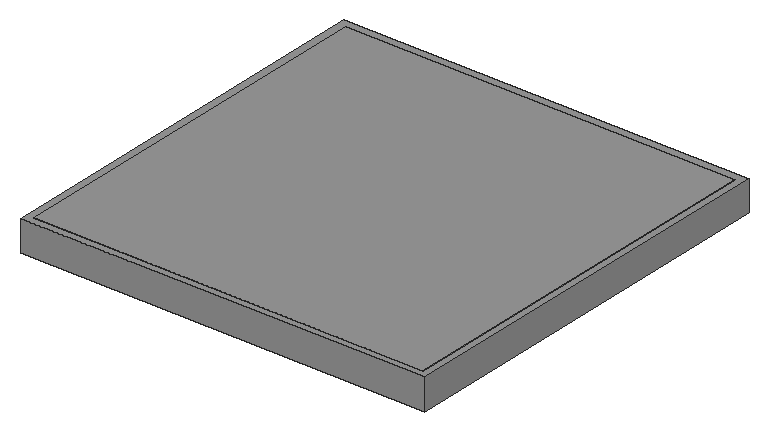
Revit family "ДВО-09 30 Вт Грильято DALI", category Осветительные приборы, Revit 2019 (continued)
Parameters (values of type "ДВО-09-О-30-3К-IP40-Грильято-DALI")
     1117.8 1108.6 1098.9 1089.1 1078.7 1068.2 1057.1 1045.8 1033.8 1021.8 1009.1 996.3 982.8 969.3 955.2 941.2 926.8 912.4 897.5 882.7 867.5 852.4 836.8 821.0 804.7 788.4 771.2 754.2 736.6 719.0 700.8 683.0 664.4 646.1 627.2 608.8 589.7 570.8 551.3 532.1 512.2 492.1 472.3 451.8 431.6 410.6 390.1 369.2 348.6 327.7 307.3 286.6 266.5 246.0 226.4 206.4 187.1 167.9 149.3 130.8 113.3 96.2 80.2 65.4 51.9 39.8 29.9 21.7 15.6 11.2 8.5 7.0 6.5 6.4 6.4 6.5 6.6 6.4 6.6 6.7 6.7 0.0 0.0 0.0 0.0 0.0 0.0 0.0 0.0 0.0 0.0 0.0 0.0 0.0 0.0 0.0 0.0 0.0 0.0 0.0 0.0 0.0 0.0 0.0 0.0 0.0 0.0 0.0 0.0 0.0 0.0 0.0 0.0 0.0 0.0 0.0 0.0 0.0 0.0 0.0 0.0 0.0 0.0 0.0 0.0 0.0 0.0 0.0 0.0 0.0 0.0 0.0 0.0 0.0 0.0 0.0 0.0 0.0 0.0 0.0 0.0 0.0\r\n1213.1 1212.5 1211.3 1209.5 1207.5 1205.0 1202.2 1198.8 1194.8 1190.7 1186.0 1181.0 1175.4 1169.1 1162.5 1155.4 1147.9 1140.1 1131.6 1123.0 1114.0 1104.9 1095.6 1085.8 1075.4 1064.4 1053.3 1041.6 1029.7 1017.2 1004.6 991.4 978.3 964.7 951.1 937.4 923.4 908.9 894.5 879.4 864.4 848.5 832.5 815.9 799.4 782.4 765.5 748.1 730.8 713.1 695.7 677.3 659.3 640.5 621.9 602.4 583.3 563.7 544.6 524.8 505.4 485.4 465.4 444.8 424.7 403.8 382.9 362.4 341.4 320.7 299.8 279.3 258.6 238.4 217.9 198.2 178.3 159.2 140.1 121.9 104.0 87.4 71.6 57.5 44.5 33.3 24.2 17.3 12.3 9.1 7.2 6.3 6.1 6.1 6.1 6.2 6.1 6.2 6.3 6.2 0.0 0.0 0.0 0.0 0.0 0.0 0.0 0.0 0.0 0.0 0.0 0.0 0.0 0.0 0.0 0.0 0.0 0.0 0.0 0.0 0.0 0.0 0.0 0.0 0.0 0.0 0.0 0.0 0.0 0.0 0.0 0.0 0.0 0.0 0.0 0.0 0.0 0.0 0.0 0.0 0.0 0.0 0.0 0.0 0.0 0.0 0.0 0.0 0.0 0.0 0.0 0.0 0.0 0.0 0.0 0.0 0.0 0.0 0.0 0.0 0.0\r\n1213.1 1212.5 1211.4 1209.7 1207.7 1205.2 1202.4 1199.0 1195.1 1191.1 1186.4 1181.3 1175.8 1169.6 1163.1 1156.1 1148.7 1141.0 1132.7 1124.2 1115.2 1105.9 1096.5 1086.6 1076.2 1065.2 1054.2 1042.6 1030.9 1018.7 1006.2 993.3 980.2 966.5 952.8 939.0 924.7 910.3 895.5 880.5 865.0 849.3 833.2 816.8 800.2 783.4 766.4 749.3 732.0 714.6 697.1 679.1 660.9 642.4 623.7 604.6 585.4 566.0 546.5 526.9 507.2 487.3 467.1 446.8 426.5 405.8 385.0 364.5 343.5 322.9 301.9 281.4 260.6 240.4 219.8 200.1 180.2 161.0 141.9 123.4 105.7 88.9 73.1 58.6 45.7 34.3 25.1 18.0 12.9 9.6 7.6 6.6 6.2 6.1 6.2 6.2 6.2 6.2 6.3 6.3 0.0 0.0 0.0 0.0 0.0 0.0 0.0 0.0 0.0 0.0 0.0 0.0 0.0 0.0 0.0 0.0 0.0 0.0 0.0 0.0 0.0 0.0 0.0 0.0 0.0 0.0 0.0 0.0 0.0 0.0 0.0 0.0 0.0 0.0 0.0 0.0 0.0 0.0 0.0 0.0 0.0 0.0 0.0 0.0 0.0 0.0 0.0 0.0 0.0 0.0 0.0 0.0 0.0 0.0 0.0 0.0 0.0 0.0 0.0 0.0 0.0\r\n1213.1 1212.4 1211.4 1209.9 1207.9 1205.4 1202.5 1199.2 1195.4 1191.4 1186.7 1181.5 1176.1 1170.0 1163.6 1156.8 1149.5 1141.8 1133.8 1125.3 1116.3 1106.9 1097.4 1087.3 1076.9 1066.0 1055.1 1043.6 1032.1 1020.1 1007.7 995.1 982.0 968.3 954.5 940.5 926.0 911.6 896.4 881.5 865.6 850.1 833.9 817.7 801.0 784.3 767.3 750.5 733.2 716.1 698.4 680.8 662.5 644.3 625.5 606.7 587.4 568.2 548.4 528.9 509.0 489.1 468.8 448.8 428.2 407.8 387.1 366.6 345.6 325.0 304.0 283.4 262.5 242.3 221.7 201.9 182.0 162.7 143.6 124.9 107.4 90.3 74.6 59.7 46.8 35.2 26.0 18.6 13.5 10.1 7.9 6.9 6.3 6.1 6.2 6.2 6.2 6.2 6.3 6.4 0.0 0.0 0.0 0.0 0.0 0.0 0.0 0.0 0.0 0.0 0.0 0.0 0.0 0.0 0.0 0.0 0.0 0.0 0.0 0.0 0.0 0.0 0.0 0.0 0.0 0.0 0.0 0.0 0.0 0.0 0.0 0.0 0.0 0.0 0.0 0.0 0.0 0.0 0.0 0.0 0.0 0.0 0.0 0.0 0.0 0.0 0.0 0.0 0.0 0.0 0.0 0.0 0.0 0.0 0.0 0.0 0.0 0.0 0.0 0.0 0.0\r\n1213.1 1212.4 1211.2 1209.5 1207.3 1204.6 1201.4 1197.9 1193.9 1189.7 1184.8 1179.6 1173.9 1167.8 1161.1 1154.1 1146.5 1138.6 1130.3 1121.6 1112.5 1102.9 1093.3 1083.0 1072.6 1061.6 1050.5 1038.7 1027.0 1014.6 1002.0 989.0 975.7 961.8 947.9 933.7 919.2 904.6 889.6 874.5 859.0 843.5 827.5 811.2 794.7 777.8 760.8 743.6 726.1 708.5 690.7 672.6 654.3 635.8 617.2 598.2 579.1 559.8 540.3 520.6 500.6 480.7 460.3 440.2 419.4 399.0 378.2 357.6 336.7 316.2 295.3 275.0 254.3 234.4 214.1 194.5 175.0 156.0 137.2 119.1 101.8 85.3 70.0 55.8 43.3 32.6 23.9 17.1 12.4 9.3 7.5 6.7 6.4 6.3 6.4 6.4 6.3 6.4 6.5 6.6 0.0 0.0 0.0 0.0 0.0 0.0 0.0 0.0 0.0 0.0 0.0 0.0 0.0 0.0 0.0 0.0 0.0 0.0 0.0 0.0 0.0 0.0 0.0 0.0 0.0 0.0 0.0 0.0 0.0 0.0 0.0 0.0 0.0 0.0 0.0 0.0 0.0 0.0 0.0 0.0 0.0 0.0 0.0 0.0 0.0 0.0 0.0 0.0 0.0 0.0 0.0 0.0 0.0 0.0 0.0 0.0 0.0 0.0 0.0 0.0 0.0\r\n1213.1 1212.4 1211.0 1209.0 1206.6 1203.8 1200.3 1196.6 1192.3 1187.9 1182.9 1177.6 1171.6 1165.5 1158.5 1151.3 1143.5 1135.3 1126.8 1117.8 1108.6 1098.9 1089.1 1078.7 1068.2 1057.1 1045.8 1033.8 1021.8 1009.1 996.3 982.8 969.3 955.2 941.2 926.8 912.4 897.5 882.7 867.5 852.4 836.8 821.0 804.7 788.4 771.2 754.2 736.6 719.0 700.8 683.0 664.4 646.1 627.2 608.8 589.7 570.8 551.3 532.1 512.2 492.1 472.3 451.8 431.6 410.6 390.1 369.2 348.6 327.7 307.3 286.6 266.5 246.0 226.4 206.4 187.1 167.9 149.3 130.8 113.3 96.2 80.2 65.4 51.9 39.8 29.9 21.7 15.6 11.2 8.5 7.0 6.5 6.4 6.4 6.5 6.6 6.4 6.6 6.7 6.7 0.0 0.0 0.0 0.0 0.0 0.0 0.0 0.0 0.0 0.0 0.0 0.0 0.0 0.0 0.0 0.0 0.0 0.0 0.0 0.0 0.0 0.0 0.0 0.0 0.0 0.0 0.0 0.0 0.0 0.0 0.0 0.0 0.0 0.0 0.0 0.0 0.0 0.0 0.0 0.0 0.0 0.0 0.0 0.0 0.0 0.0 0.0 0.0 0.0 0.0 0.0 0.0 0.0 0.0 0.0 0.0 0.0 0.0 0.0 0.0 0.0\r\n1213.1 1212.5 1211.3 1209.5 1207.5 1205.0 1202.2 1198.8 1194.8 1190.7 1186.0 1181.0 1175.4 1169.1 1162.5 1155.4 1147.9 1140.1 1131.6 1123.0 1114.0 1104.9 1095.6 1085.8 1075.4 1064.4 1053.3 1041.6 1029.7 1017.2 1004.6 991.4 978.3 964.7 951.1 937.4 923.4 908.9 894.5 879.4 864.4 848.5 832.5 815.9 799.4 782.4 765.5 748.1 730.8 713.1 695.7 677.3 659.3 640.5 621.9 602.4 583.3 563.7 544.6 524.8 505.4 485.4 465.4 444.8 424.7 403.8 382.9 362.4 341.4 320.7 299.8 279.3 258.6 238.4 217.9 198.2 178.3 159.2 140.1 121.9 104.0 87.4 71.6 57.5 44.5 33.3 24.2 17.3 12.3 9.1 7.2 6.3 6.1 6.1 6.1 6.2 6.1 6.2 6.3 6.2 0.0 0.0 0.0 0.0 0.0 0.0 0.0 0.0 0.0 0.0 0.0 0.0 0.0 0.0 0.0 0.0 0.0 0.0 0.0 0.0 0.0 0.0 0.0 0.0 0.0 0.0 0.0 0.0 0.0 0.0 0.0 0.0 0.0 0.0 0.0 0.0 0.0 0.0 0.0 0.0 0.0 0.0 0.0 0.0 0.0 0.0 0.0 0.0 0.0 0.0 0.0 0.0 0.0 0.0 0.0 0.0 0.0 0.0 0.0 0.0 0.0\r\n1213.1 1212.5 1211.4 1209.7 1207.7 1205.2 1202.4 1199.0 1195.1 1191.1 1186.4 1181.3 1175.8 1169.6 1163.1 1156.1 1148.7 1141.0 1132.7 1124.2 1115.2 1105.9 1096.5 1086.6 1076.2 1065.2 1054.2 1042.6 1030.9 1018.7 1006.2 993.3 980.2 966.5 952.8 939.0 924.7 910.3 895.5 880.5 865.0 849.3 833.2 816.8 800.2 783.4 766.4 749.3 732.0 714.6 697.1 679.1 660.9 642.4 623.7 604.6 585.4 566.0 546.5 526.9 507.2 487.3 467.1 446.8 426.5 405.8 385.0 364.5 343.5 322.9 301.9 281.4 260.6 240.4 219.8 200.1 180.2 161.0 141.9 123.4 105.7 88.9 73.1 58.6 45.7 34.3 25.1 18.0 12.9 9.6 7.6 6.6 6.2 6.1 6.2 6.2 6.2 6.2 6.3 6.3 0.0 0.0 0.0 0.0 0.0 0.0 0.0 0.0 0.0 0.0 0.0 0.0 0.0 0.0 0.0 0.0 0.0 0.0 0.0 0.0 0.0 0.0 0.0 0.0 0.0 0.0 0.0 0.0 0.0 0.0 0.0 0.0 0.0 0.0 0.0 0.0 0.0 0.0 0.0 0.0 0.0 0.0 0.0 0.0 0.0 0.0 0.0 0.0 0.0 0.0 0.0 0.0 0.0 0.0 0.0 0.0 0.0 0.0 0.0 0.0 0.0\r\n1213.1 1212.4 1211.4 1209.9 1207.9 1205.4 1202.5 1199.2 1195.4 1191.4 1186.7 1181.5 1176.1 1170.0 1163.6 1156.8 1149.5 1141.8 1133.8 1125.3 1116.3 1106.9 1097.4 1087.3 1076.9 1066.0 1055.1 1043.6 1032.1 1020.1 1007.7 995.1 982.0 968.3 954.5 940.5 926.0 911.6 896.4 881.5 865.6 850.1 833.9 817.7 801.0 784.3 767.3 750.5 733.2 716.1 698.4 680.8 662.5 644.3 625.5 606.7 587.4 568.2 548.4 528.9 509.0 489.1 468.8 448.8 428.2 407.8 387.1 366.6 345.6 325.0 304.0 283.4 262.5 242.3 221.7 201.9 182.0 162.7 143.6 124.9 107.4 90.3 74.6 59.7 46.8 35.2 26.0 18.6 13.5 10.1 7.9 6.9 6.3 6.1 6.2 6.2 6.2 6.2 6.3 6.4 0.0 0.0 0.0 0.0 0.0 0.0 0.0 0.0 0.0 0.0 0.0 0.0 0.0 0.0 0.0 0.0 0.0 0.0 0.0 0.0 0.0 0.0 0.0 0.0 0.0 0.0 0.0 0.0 0.0 0.0 0.0 0.0 0.0 0.0 0.0 0.0 0.0 0.0 0.0 0.0 0.0 0.0 0.0 0.0 0.0 0.0 0.0 0.0 0.0 0.0 0.0 0.0 0.0 0.0 0.0 0.0 0.0 0.0 0.0 0.0 0.0\r\n1213.1 1212.4 1211.2 1209.5 1207.3 1204.6 1201.4 1197.9 1193.9 1189.7 1184.8 1179.6 1173.9 1167.8 1161.1 1154.1 1146.5 1138.6 1130.3 1121.6 1112.5 1102.9 1093.3 1083.0 1072.6 1061.6 1050.5 1038.7 1027.0 1014.6 1002.0 989.0 975.7 961.8 947.9 933.7 919.2 904.6 889.6 874.5 859.0 843.5 827.5 811.2 794.7 777.8 760.8 743.6 726.1 708.5 690.7 672.6 654.3 635.8 617.2 598.2 579.1 559.8 540.3 520.6 500.6 480.7 460.3 440.2 419.4 399.0 378.2 357.6 336.7 316.2 295.3 275.0 254.3 234.4 214.1 194.5 175.0 156.0 137.2 119.1 101.8 85.3 70.0 55.8 43.3 32.6 23.9 17.1 12.4 9.3 7.5 6.7 6.4 6.3 6.4 6.4 6.3 6.4 6.5 6.6 0.0 0.0 0.0 0.0 0.0 0.0 0.0 0.0 0.0 0.0 0.0 0.0 0.0 0.0 0.0 0.0 0.0 0.0 0.0 0.0 0.0 0.0 0.0 0.0 0.0 0.0 0.0 0.0 0.0 0.0 0.0 0.0 0.0 0.0 0.0 0.0 0.0 0.0 0.0 0.0 0.0 0.0 0.0 0.0 0.0 0.0 0.0 0.0 0.0 0.0 0.0 0.0 0.0 0.0 0.0 0.0 0.0 0.0 0.0 0.0 0.0\r\n1213.1 1212.4 1211.0 1209.0 1206.6 1203.8 1200.3 1196.6 1192.3 1187.9 1182.9 1177.6 1171.6 1165.5 1158.5 1151.3 1143.5 1135.3 1126.8 1117.8 1108.6 1098.9 1089.1 1078.7 1068.2 1057.1 1045.8 1033.8 1021.8 1009.1 996.3 982.8 969.3 955.2 941.2 926.8 912.4 897.5 882.7 867.5 852.4 836.8 821.0 804.7 788.4 771.2 754.2 736.6 719.0 700.8 683.0 664.4 646.1 627.2 608.8 589.7 570.8 551.3 532.1 512.2 492.1 472.3 451.8 431.6 410.6 390.1 369.2 348.6 327.7 307.3 286.6 266.5 246.0 226.4 206.4 187.1 167.9 149.3 130.8 113.3 96.2 80.2 65.4 51.9 39.8 29.9 21.7 15.6 11.2 8.5 7.0 6.5 6.4 6.4 6.5 6.6 6.4 6.6 6.7 6.7 0.0 0.0 0.0 0.0 0.0 0.0 0.0 0.0 0.0 0.0 0.0 0.0 0.0 0.0 0.0 0.0 0.0 0.0 0.0 0.0 0.0 0.0 0.0 0.0 0.0 0.0 0.0 0.0 0.0 0.0 0.0 0.0 0.0 0.0 0.0 0.0 0.0 0.0 0.0 0.0 0.0 0.0 0.0 0.0 0.0 0.0 0.0 0.0 0.0 0.0 0.0 0.0 0.0 0.0 0.0 0.0 0.0 0.0 0.0 0.0 0.0\r\n1213.1 1212.5 1211.3 1209.5 1207.5 1205.0 1202.2 1198.8 1194.8 1190.7 1186.0 1181.0 1175.4 1169.1 1162.5 1155.4 1147.9 1140.1 1131.6 1123.0 1114.0 1104.9 1095.6 1085.8 1075.4 1064.4 1053.3 1041.6 1029.7 1017.2 1004.6 991.4 978.3 964.7 951.1 937.4 923.4 908.9 894.5 879.4 864.4 848.5 832.5 815.9 799.4 782.4 765.5 748.1 730.8 713.1 695.7 677.3 659.3 640.5 621.9 602.4 583.3 563.7 544.6 524.8 505.4 485.4 465.4 444.8 424.7 403.8 382.9 362.4 341.4 320.7 299.8 279.3 258.6 238.4 217.9 198.2 178.3 159.2 140.1 121.9 104.0 87.4 71.6 57.5 44.5 33.3 24.2 17.3 12.3 9.1 7.2 6.3 6.1 6.1 6.1 6.2 6.1 6.2 6.3 6.2 0.0 0.0 0.0 0.0 0.0 0.0 0.0 0.0 0.0 0.0 0.0 0.0 0.0 0.0 0.0 0.0 0.0 0.0 0.0 0.0 0.0 0.0 0.0 0.0 0.0 0.0 0.0 0.0 0.0 0.0 0.0 0.0 0.0 0.0 0.0 0.0 0.0 0.0 0.0 0.0 0.0 0.0 0.0 0.0 0.0 0.0 0.0 0.0 0.0 0.0 0.0 0.0 0.0 0.0 0.0 0.0 0.0 0.0 0.0 0.0 0.0\r\n1213.1 1212.5 1211.4 1209.7 1207.7 1205.2 1202.4 1199.0 1195.1 1191.1 1186.4 1181.3 1175.8 1169.6 1163.1 1156.1 1148.7 1141.0 1132.7 1124.2 1115.2 1105.9 1096.5 1086.6 1076.2 1065.2 1054.2 1042.6 1030.9 1018.7 1006.2 993.3 980.2 966.5 952.8 939.0 924.7 910.3 895.5 880.5 865.0 849.3 833.2 816.8 800.2 783.4 766.4 749.3 732.0 714.6 697.1 679.1 660.9 642.4 623.7 604.6 585.4 566.0 546.5 526.9 507.2 487.3 467.1 446.8 426.5 405.8 385.0 364.5 343.5 322.9 301.9 281.4 260.6 240.4 219.8 200.1 180.2 161.0 141.9 123.4 105.7 88.9 73.1 58.6 45.7 34.3 25.1 18.0 12.9 9.6 7.6 6.6 6.2 6.1 6.2 6.2 6.2 6.2 6.3 6.3 0.0 0.0 0.0 0.0 0.0 0.0 0.0 0.0 0.0 0.0 0.0 0.0 0.0 0.0 0.0 0.0 0.0 0.0 0.0 0.0 0.0 0.0 0.0 0.0 0.0 0.0 0.0 0.0 0.0 0.0 0.0 0.0 0.0 0.0 0.0 0.0 0.0 0.0 0.0 0.0 0.0 0.0 0.0 0.0 0.0 0.0 0.0 0.0 0.0 0.0 0.0 0.0 0.0 0.0 0.0 0.0 0.0 0.0 0.0 0.0 0.0\r\n1213.1 1212.4 1211.4 1209.9 1207.9 1205.4 1202.5 1199.2 1195.4 1191.4 1186.7 1181.5 1176.1 1170.0 1163.6 1156.8 1149.5 1141.8 1133.8 1125.3 1116.3 1106.9 1097.4 1087.3 1076.9 1066.0 1055.1 1043.6 1032.1 1020.1 1007.7 995.1 982.0 968.3 954.5 940.5 926.0 911.6 896.4 881.5 865.6 850.1 833.9 817.7 801.0 784.3 767.3 750.5 733.2 716.1 698.4 680.8 662.5 644.3 625.5 606.7 587.4 568.2 548.4 528.9 509.0 489.1 468.8 448.8 428.2 407.8 387.1 366.6 345.6 325.0 304.0 283.4 262.5 242.3 221.7 201.9 182.0 162.7 143.6 124.9 107.4 90.3 74.6 59.7 46.8 35.2 26.0 18.6 13.5 10.1 7.9 6.9 6.3 6.1 6.2 6.2 6.2 6.2 6.3 6.4 0.0 0.0 0.0 0.0 0.0 0.0 0.0 0.0 0.0 0.0 0.0 0.0 0.0 0.0 0.0 0.0 0.0 0.0 0.0 0.0 0.0 0.0 0.0 0.0 0.0 0.0 0.0 0.0 0.0 0.0 0.0 0.0 0.0 0.0 0.0 0.0 0.0 0.0 0.0 0.0 0.0 0.0 0.0 0.0 0.0 0.0 0.0 0.0 0.0 0.0 0.0 0.0 0.0 0.0 0.0 0.0 0.0 0.0 0.0 0.0 0.0\r\n1213.1 1212.4 1211.2 1209.5 1207.3 1204.6 1201.4 1197.9 1193.9 1189.7 1184.8 1179.6 1173.9 1167.8 1161.1 1154.1 1146.5 1138.6 1130.3 1121.6 1112.5 1102.9 1093.3 1083.0 1072.6 1061.6 1050.5 1038.7 1027.0 1014.6 1002.0 989.0 975.7 961.8 947.9 933.7 919.2 904.6 889.6 874.5 859.0 843.5 827.5 811.2 794.7 777.8 760.8 743.6 726.1 708.5 690.7 672.6 654.3 635.8 617.2 598.2 579.1 559.8 540.3 520.6 500.6 480.7 460.3 440.2 419.4 399.0 378.2 357.6 336.7 316.2 295.3 275.0 254.3 234.4 214.1 194.5 175.0 156.0 137.2 119.1 101.8 85.3 70.0 55.8 43.3 32.6 23.9 17.1 12.4 9.3 7.5 6.7 6.4 6.3 6.4 6.4 6.3 6.4 6.5 6.6 0.0 0.0 0.0 0.0 0.0 0.0 0.0 0.0 0.0 0.0 0.0 0.0 0.0 0.0 0.0 0.0 0.0 0.0 0.0 0.0 0.0 0.0 0.0 0.0 0.0 0.0 0.0 0.0 0.0 0.0 0.0 0.0 0.0 0.0 0.0 0.0 0.0 0.0 0.0 0.0 0.0 0.0 0.0 0.0 0.0 0.0 0.0 0.0 0.0 0.0 0.0 0.0 0.0 0.0 0.0 0.0 0.0 0.0 0.0 0.0 0.0\r\n1213.1 1212.4 1211.0 1209.0 1206.6 1203.8 1200.3 1196.6 1192.3 1187.9 1182.9 1177.6 1171.6 1165.5 1158.5 1151.3 1143.5 1135.3 1126.8 1117.8 1108.6 1098.9 1089.1 1078.7 1068.2 1057.1 1045.8 1033.8 1021.8 1009.1 996.3 982.8 969.3 955.2 941.2 926.8 912.4 897.5 882.7 867.5 852.4 836.8 821.0 804.7 788.4 771.2 754.2 736.6 719.0 700.8 683.0 664.4 646.1 627.2 608.8 589.7 570.8 551.3 532.1 512.2 492.1 472.3 451.8 431.6 410.6 390.1 369.2 348.6 327.7 307.3 286.6 266.5 246.0 226.4 206.4 187.1 167.9 149.3 130.8 113.3 96.2 80.2 65.4 51.9 39.8 29.9 21.7 15.6 11.2 8.5 7.0 6.5 6.4 6.4 6.5 6.6 6.4 6.6 6.7 6.7 0.0 0.0 0.0 0.0 0.0 0.0 0.0 0.0 0.0 0.0 0.0 0.0 0.0 0.0 0.0 0.0 0.0 0.0 0.0 0.0 0.0 0.0 0.0 0.0 0.0 0.0 0.0 0.0 0.0 0.0 0.0 0.0 0.0 0.0 0.0 0.0 0.0 0.0 0.0 0.0 0.0 0.0 0.0 0.0 0.0 0.0 0.0 0.0 0.0 0.0 0.0 0.0 0.0 0.0 0.0 0.0 0.0 0.0 0.0 0.0 0.0\r\n1213.1 1212.5 1211.3 1209.5 1207.5 1205.0 1202.2 1198.8 1194.8 1190.7 1186.0 1181.0 1175.4 1169.1 1162.5 1155.4 1147.9 1140.1 1131.6 1123.0 1114.0 1104.9 1095.6 1085.8 1075.4 1064.4 1053.3 1041.6 1029.7 1017.2 1004.6 991.4 978.3 964.7 951.1 937.4 923.4 908.9 894.5 879.4 864.4 848.5 832.5 815.9 799.4 782.4 765.5 748.1 730.8 713.1 695.7 677.3 659.3 640.5 621.9 602.4 583.3 563.7 544.6 524.8 505.4 485.4 465.4 444.8 424.7 403.8 382.9 362.4 341.4 320.7 299.8 279.3 258.6 238.4 217.9 198.2 178.3 159.2 140.1 121.9 104.0 87.4 71.6 57.5 44.5 33.3 24.2 17.3 12.3 9.1 7.2 6.3 6.1 6.1 6.1 6.2 6.1 6.2 6.3 6.2 0.0 0.0 0.0 0.0 0.0 0.0 0.0 0.0 0.0 0.0 0.0 0.0 0.0 0.0 0.0 0.0 0.0 0.0 0.0 0.0 0.0 0.0 0.0 0.0 0.0 0.0 0.0 0.0 0.0 0.0 0.0 0.0 0.0 0.0 0.0 0.0 0.0 0.0 0.0 0.0 0.0 0.0 0.0 0.0 0.0 0.0 0.0 0.0 0.0 0.0 0.0 0.0 0.0 0.0 0.0 0.0 0.0 0.0 0.0 0.0 0.0\r\n1213.1 1212.5 1211.4 1209.7 1207.7 1205.2 1202.4 1199.0 1195.1 1191.1 1186.4 1181.3 1175.8 1169.6 1163.1 1156.1 1148.7 1141.0 1132.7 1124.2 1115.2 1105.9 1096.5 1086.6 1076.2 1065.2 1054.2 1042.6 1030.9 1018.7 1006.2 993.3 980.2 966.5 952.8 939.0 924.7 910.3 895.5 880.5 865.0 849.3 833.2 816.8 800.2 783.4 766.4 749.3 732.0 714.6 697.1 679.1 660.9 642.4 623.7 604.6 585.4 566.0 546.5 526.9 507.2 487.3 467.1 446.8 426.5 405.8 385.0 364.5 343.5 322.9 301.9 281.4 260.6 240.4 219.8 200.1 180.2 161.0 141.9 123.4 105.7 88.9 73.1 58.6 45.7 34.3 25.1 18.0 12.9 9.6 7.6 6.6 6.2 6.1 6.2 6.2 6.2 6.2 6.3 6.3 0.0 0.0 0.0 0.0 0.0 0.0 0.0 0.0 0.0 0.0 0.0 0.0 0.0 0.0 0.0 0.0 0.0 0.0 0.0 0.0 0.0 0.0 0.0 0.0 0.0 0.0 0.0 0.0 0.0 0.0 0.0 0.0 0.0 0.0 0.0 0.0 0.0 0.0 0.0 0.0 0.0 0.0 0.0 0.0 0.0 0.0 0.0 0.0 0.0 0.0 0.0 0.0 0.0 0.0 0.0 0.0 0.0 0.0 0.0 0.0 0.0\r\n1213.1 1212.4 1211.4 1209.9 1207.9 1205.4 1202.5 1199.2 1195.4 1191.4 1186.7 1181.5 1176.1 1170.0 1163.6 1156.8 1149.5 1141.8 1133.8 1125.3 1116.3 1106.9 1097.4 1087.3 1076.9 1066.0 1055.1 1043.6 1032.1 1020.1 1007.7 995.1 982.0 968.3 954.5 940.5 926.0 911.6 896.4 881.5 865.6 850.1 833.9 817.7 801.0 784.3 767.3 750.5 733.2 716.1 698.4 680.8 662.5 644.3 625.5 606.7 587.4 568.2 548.4 528.9 509.0 489.1 468.8 448.8 428.2 407.8 387.1 366.6 345.6 325.0 304.0 283.4 262.5 242.3 221.7 201.9 182.0 162.7 143.6 124.9 107.4 90.3 74.6 59.7 46.8 35.2 26.0 18.6 13.5 10.1 7.9 6.9 6.3 6.1 6.2 6.2 6.2 6.2 6.3 6.4 0.0 0.0 0.0 0.0 0.0 0.0 0.0 0.0 0.0 0.0 0.0 0.0 0.0 0.0 0.0 0.0 0.0 0.0 0.0 0.0 0.0 0.0 0.0 0.0 0.0 0.0 0.0 0.0 0.0 0.0 0.0 0.0 0.0 0.0 0.0 0.0 0.0 0.0 0.0 0.0 0.0 0.0 0.0 0.0 0.0 0.0 0.0 0.0 0.0 0.0 0.0 0.0 0.0 0.0 0.0 0.0 0.0 0.0 0.0 0.0 0.0\r\n1213.1 1212.4 1211.2 1209.5 1207.3 1204.6 1201.4 1197.9 1193.9
